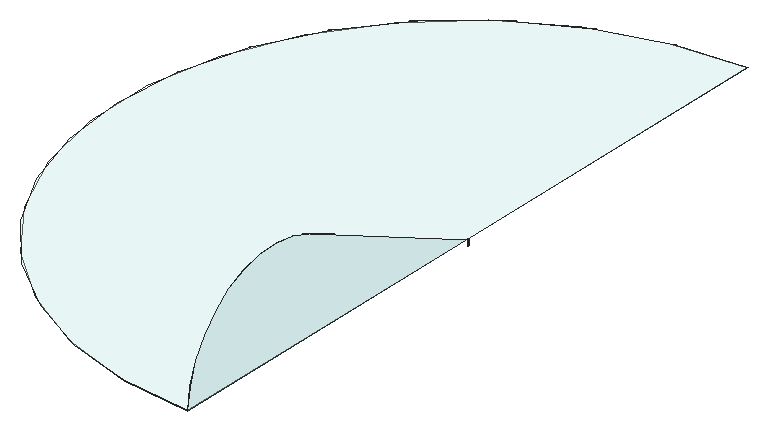
Revit family "Rotor Falvon 6504 Series - I6504PC", category Acessórios do tubo, Revit 2020
Family settings
  Cota do conector redondo = Utilizar diâmetro
  Tipo de parte = Normal
  Número OmniClass = 23.60.30.11.14
  Título OmniClass = Pipework Fittings
  Com base no plano de trabalho = Não
  Sempre na vertical = Sim
  Corte com vazios quando carregada = Não
  Compartilhado = Não
Parameters (values of type "Nozzle 18")
  Water = Water
  URL = "https://www.rainbird.com/"
  TABLE 90 = "TABLE 90psi"
  TABLE 80 = "TABLE 80psi"
  TABLE 70 = "TABLE 70psi"
  TABLE 60 = "TABLE 60psi"
  TABLE 50 = "TABLE 50psi"
  TABLE 40 = "TABLE 40psi"
  TABLE 30 = "TABLE 30psi"
  SupportProjetos: Reviw Date = ""  # constant formula
  SupportProjetos: Reviw = "R00"  # constant formula
  SupportProjetos: Level of Detail = "LOD 300"  # constant formula
  SupportProjetos: Developed = "MICHEL SOARES MOTA"  # constant formula
  SupportProjetos: Creation Date = "07/08/2020"  # constant formula
  Side inlet = no
  Rotation Water Visibility [instance] = Pop up on  # yes
  Rotation Angle [instance] = 180.00°
  RainBird: Product Link = "https://www.rainbird.com/"
  RainBird: Description = "FALCON I6504-PC Rotor "  # constant formula
  RainBird: Comment [instance] = ""
  RainBird: Code = "B65301"  # constant formula
  Radius [instance] = if(and(Pressure = 30.0 psi, Instance < 3 ft), size_lookup(TABLE 30, "Radius", 0 ft, Instance), if(and(Pressure = 40.0 psi, Instance < 9 ft), size_lookup(TABLE 40, "Radius", 0 ft, Instance), if(and(Pressure = 50.0 psi, Instance < 9 ft), size_lookup(TABLE 50, "Radius", 0 ft, Instance), if(and(Pressure = 60.0 psi, Instance < 9 ft), size_lookup(TABLE 60, "Radius", 0 ft, Instance), if(and(Pressure = 70.0 psi, Instance < 9 ft), size_lookup(TABLE 70, "Radius", 0 ft, Instance), if(and(Pressure = 80.0 psi, Instance < 9 ft), size_lookup(TABLE 80, "Radius", 0 ft, Instance), if(and(Pressure = 90.0 psi, Instance > 7 ft), size_lookup(TABLE 90, "Radius", 600 ft, Instance), 0 ft)))))))  # 63 ft
  RT = 0.009893 ft
  RN = 0.032808 ft
  R5 = 0.03937 ft
  R4 = 0.04101 ft
  R3 = 0.065617 ft
  R2 = 0.075407 ft
  R1 = 0.032808 ft
  Pressure [instance] = 60.0 psi
  Pop up height = 0.334646 ft
  Pop up on [instance] = yes
  Modelo = "I6504-PC"  # constant formula
  Instance = 8 ft
  H1 = Body height / 3  # 0.236333 ft
  Flow [instance] = if(and(Pressure = 30.0 psi, Instance < 3 ft), size_lookup(TABLE 30, "Flow", 0.0 GPM, Instance), if(and(Pressure = 40.0 psi, Instance < 9 ft), size_lookup(TABLE 40, "Flow", 0.0 GPM, Instance), if(and(Pressure = 50.0 psi, Instance < 9 ft), size_lookup(TABLE 50, "Flow", 0.0 GPM, Instance), if(and(Pressure = 60.0 psi, Instance < 9 ft), size_lookup(TABLE 60, "Flow", 0.0 GPM, Instance), if(and(Pressure = 70.0 psi, Instance < 9 ft), size_lookup(TABLE 70, "Flow", 0.0 GPM, Instance), if(and(Pressure = 80.0 psi, Instance < 9 ft), size_lookup(TABLE 80, "Flow", 0.0 GPM, Instance), if(and(Pressure = 90.0 psi, Instance > 7 ft), size_lookup(TABLE 90, "Flow", 0.0 GPM, Instance), 0.0 GPM)))))))  # 17.1 GPM
  Fabricante = "Rain Bird"
  Elevação padrão = 0 ft
  Description = RainBird: Description  # "FALCON I6504-PC Rotor "
  DD13 = 0.002625 ft
  DD12 = 0.003937 ft
  DD11 = 0.009897 ft
  DD10 = 0.016404 ft
  DD8 [instance] = if(Pop up on, Pop up height, 0 ft)  # 0.334646 ft
  DD7 = 0.019685 ft
  DD6 [instance] = 0.016404 ft
  DD5 = 0.065617 ft
  DD4 = 0.032808 ft
  DD3 = 0.091048 ft
  DD2 [instance] = 0.024514 ft
  DD9 [instance] = if(Pop up on, Pop up height + 0.049541 ft, 0 ft)  # 0.384186 ft
  DD1 = 0.006562 ft
  Conection = 0.062664 ft  # constant formula
  Body height = 0.709 ft  # constant formula
  Blue = Blue Plastic
  Black Plastic = Black Plastic
  Angle = 25.00°
Types (9, lengths in ft): name | Radius | Pressure | Instance | Flow
  (no name) | 63 | 60.0 psi | 8 | 17.1 GPM
  Nozzle 4 | 43 | 80.0 psi | 1 | 4.6 GPM
  Nozzle 6 | 49 | 80.0 psi | 2 | 4.9 GPM
  Nozzle 8 | 53 | 80.0 psi | 3 | 9.4 GPM
  Nozzle 10 | 55 | 80.0 psi | 4 | 11.6 GPM
  Nozzle 12 | 61 | 80.0 psi | 5 | 14.0 GPM
  Tipo 14 | 61 | 80.0 psi | 6 | 16.2 GPM
  Nozzle 16 | 63 | 80.0 psi | 7 | 18.1 GPM
  Nozzle 18 | 63 | 60.0 psi | 8 | 17.1 GPM
Reference planes (ft)
  plane 1 "Centro (Frente/Trás)": y = 0
  plane 2: z = 0
  plane 3 "Centro (Esquerda/Direita)": x = 0
  plane 4: z = 0.003937
  plane 5: z = 0.002625
  plane 6: y = -0.065617
Forms (ft)
  Revolve 1, solid, material "Black Plastic" <- "Black Plastic"
    sketch origin (0, 0, 0) x (1, 0, 0) y (0, 0, 1)
      loop
        line (0.075407, -0.091048) -> (0.075407, -0.035324)
        arc (0.075407, -0.035324) -> (0.072509, -0.028329) -> (0.065514, -0.025431) r 0.009893
        line (0.065514, -0.025431) -> (0.046098, -0.025431) -> (0.046098, 0) -> (0.03937, 0) -> (0.03937, -0.334646) -> (0.019685, -0.334646) -> (0.019685, -0.702438) -> (0.032808, -0.702438) -> (0.032808, -0.709) -> (0.04101, -0.709) -> (0.04101, -0.702438) -> (0.055724, -0.702438)
        arc (0.055724, -0.702438) -> (0.062719, -0.699541) -> (0.065617, -0.692545) r 0.009893
        line (0.065617, -0.692545) -> (0.065617, -0.091048) -> (0.075407, -0.091048)
      axis (0, -0.709) -> (0, 0)
    angle from 0 to 360
  Extrusion 2, solid, material "Black Plastic" <- "Black Plastic"
    sketch origin (0, 0, 0) x (1, 0, 0) y (0, 1, 0)
      loop
        circle (0, 0) r 0.032808
    from -0.334646 to 0.334646
  Extrusion 3, void
    sketch origin (0, 0, 0) x (1, 0, 0) y (0, 1, 0)
      loop
        circle (0, 0) r 0.022844
    from -0.334646 to 0.334646
  Revolve 4, solid, material "Black Plastic" <- "Black Plastic"
    sketch origin (0, 0, 0) x (1, 0, 0) y (0, 0, 1)
      loop
        line (0, 0.334646) -> (0.037004, 0.334646) -> (0.037004, 0.344543)
        arc (0.037004, 0.344543) -> (0.01879, 0.349436) -> (0, 0.35105) r 0.10685
        line (0, 0.35105) -> (0, 0.334646)
      axis (0, 0.334646) -> (0, 0.35105)
    angle from 0 to 360
  Extrusion 5, solid, material "Blue Plastic" <- "Blue"
    sketch origin (0, 0, 0) x (1, 0, 0) y (0, 0, 1)
      loop
        circle (0, 0.310131) r 0.009129
      loop
        circle (0, 0.310131) r 0.004793
    from 0 to 0.034386
  Extrusion 6, void
    sketch origin (0, 0, 0) x (1, 0, 0) y (0, 0, 1)
      loop
        line (-0.02074, 0.328055) -> (-0.02074, 0.282426) -> (0.020672, 0.282426) -> (0.020672, 0.328055) -> (-0.02074, 0.328055)
      loop
        line (-0.018439, 0.325179) -> (-0.018439, 0.285685) -> (0.018179, 0.285685) -> (0.018179, 0.325179) -> (-0.018439, 0.325179)
    from 0.024556 to 0.06931
  Extrusion 7, solid, material "Black Plastic" <- "Black Plastic"
    sketch origin (0, 0, 0) x (1, 0, 0) y (0, 0, 1)
      loop
        line (0.046098, 0) -> (0.046098, -0.036876) -> (0.073493, -0.036876) -> (0.046098, 0)
    from -0.002998 to 0.002998
  Extrusion 8, solid, material "Black Plastic" <- "Black Plastic"
    sketch origin (0, 0, 0) x (-1, 0, 0) y (0, 0, -1)
      loop
        line (0.046098, 0) -> (0.073493, 0.036876) -> (0.046098, 0.036876) -> (0.046098, 0)
    from -0.002998 to 0.002998
  Extrusion 9, solid, material "Black Plastic" <- "Black Plastic"
    sketch origin (0, 0, 0) x (0.866025, 0.5, 0) y (0, 0, 1)
      loop
        line (0.046098, 0) -> (0.046098, -0.036876) -> (0.073493, -0.036876) -> (0.046098, 0)
    from -0.002998 to 0.002998
  Extrusion 10, solid, material "Black Plastic" <- "Black Plastic"
    sketch origin (0, 0, 0) x (-0.866025, -0.5, 0) y (0, 0, -1)
      loop
        line (0.046098, 0) -> (0.073493, 0.036876) -> (0.046098, 0.036876) -> (0.046098, 0)
    from -0.002998 to 0.002998
  Extrusion 11, solid, material "Black Plastic" <- "Black Plastic"
    sketch origin (0, 0, 0) x (0, 1, 0) y (0, 0, 1)
      loop
        line (0.046098, 0) -> (0.046098, -0.036876) -> (0.073493, -0.036876) -> (0.046098, 0)
    from -0.002998 to 0.002998
  Extrusion 12, solid, material "Black Plastic" <- "Black Plastic"
    sketch origin (0, 0, 0) x (0, -1, 0) y (0, 0, -1)
      loop
        line (0.046098, 0) -> (0.073493, 0.036876) -> (0.046098, 0.036876) -> (0.046098, 0)
    from -0.002998 to 0.002998
  Extrusion 13, solid, material "Black Plastic" <- "Black Plastic"
    sketch origin (0, 0, 0) x (0.5, 0.866025, 0) y (0, 0, 1)
      loop
        line (0.046098, 0) -> (0.046098, -0.036876) -> (0.073493, -0.036876) -> (0.046098, 0)
    from -0.002998 to 0.002998
  Extrusion 14, solid, material "Black Plastic" <- "Black Plastic"
    sketch origin (0, 0, 0) x (-0.5, -0.866025, 0) y (0, 0, -1)
      loop
        line (0.046098, 0) -> (0.073493, 0.036876) -> (0.046098, 0.036876) -> (0.046098, 0)
    from -0.002998 to 0.002998
  Extrusion 15, solid, material "Black Plastic" <- "Black Plastic"
    sketch origin (0, 0, 0) x (-0.5, 0.866025, 0) y (0, 0, 1)
      loop
        line (0.046098, 0) -> (0.046098, -0.036876) -> (0.073493, -0.036876) -> (0.046098, 0)
    from -0.002998 to 0.002998
  Extrusion 16, solid, material "Black Plastic" <- "Black Plastic"
    sketch origin (0, 0, 0) x (0.5, -0.866025, 0) y (0, 0, -1)
      loop
        line (0.046098, 0) -> (0.073493, 0.036876) -> (0.046098, 0.036876) -> (0.046098, 0)
    from -0.002998 to 0.002998
  Extrusion 17, solid, material "Black Plastic" <- "Black Plastic"
    sketch origin (0, 0, 0) x (-0.866025, 0.5, 0) y (0, 0, 1)
      loop
        line (0.046098, 0) -> (0.046098, -0.036876) -> (0.073493, -0.036876) -> (0.046098, 0)
    from -0.002998 to 0.002998
  Extrusion 18, solid, material "Black Plastic" <- "Black Plastic"
    sketch origin (0, 0, 0) x (0.866025, -0.5, 0) y (0, 0, -1)
      loop
        line (0.046098, 0) -> (0.073493, 0.036876) -> (0.046098, 0.036876) -> (0.046098, 0)
    from -0.002998 to 0.002998
  Extrusion 19, void
    sketch origin (0, 0, 0) x (1, 0, 0) y (0, 1, 0)
      loop
        line (-0.002998, 0.077702) -> (-0.002998, 0.071655) -> (0.002998, 0.071655) -> (0.002998, 0.077702) -> (-0.002998, 0.077702)
    from -0.091048 to 0.82021
  Extrusion 20, void
    sketch origin (0, 0, 0) x (1, 0, 0) y (0, 1, 0)
      loop
        line (0.002998, -0.077702) -> (0.002998, -0.071655) -> (-0.002998, -0.071655) -> (-0.002998, -0.077702) -> (0.002998, -0.077702)
    from -0.091048 to 0.82021
  Extrusion 21, void
    sketch origin (0, 0, 0) x (0.965926, 0.258819, 0) y (-0.258819, 0.965926, 0)
      loop
        line (-0.002998, 0.077702) -> (-0.002998, 0.071655) -> (0.002998, 0.071655) -> (0.002998, 0.077702) -> (-0.002998, 0.077702)
    from -0.091048 to 0.82021
  Extrusion 22, void
    sketch origin (0, 0, 0) x (0.965926, 0.258819, 0) y (-0.258819, 0.965926, 0)
      loop
        line (0.002998, -0.077702) -> (0.002998, -0.071655) -> (-0.002998, -0.071655) -> (-0.002998, -0.077702) -> (0.002998, -0.077702)
    from -0.091048 to 0.82021
  Extrusion 23, void
    sketch origin (0, 0, 0) x (0.866025, 0.5, 0) y (-0.5, 0.866025, 0)
      loop
        line (-0.002998, 0.077702) -> (-0.002998, 0.071655) -> (0.002998, 0.071655) -> (0.002998, 0.077702) -> (-0.002998, 0.077702)
    from -0.091048 to 0.82021
  Extrusion 24, void
    sketch origin (0, 0, 0) x (0.866025, 0.5, 0) y (-0.5, 0.866025, 0)
      loop
        line (0.002998, -0.077702) -> (0.002998, -0.071655) -> (-0.002998, -0.071655) -> (-0.002998, -0.077702) -> (0.002998, -0.077702)
    from -0.091048 to 0.82021
  Extrusion 25, void
    sketch origin (0, 0, 0) x (0.5, 0.866025, 0) y (-0.866025, 0.5, 0)
      loop
        line (-0.002998, 0.077702) -> (-0.002998, 0.071655) -> (0.002998, 0.071655) -> (0.002998, 0.077702) -> (-0.002998, 0.077702)
    from -0.091048 to 0.82021
  Extrusion 26, void
    sketch origin (0, 0, 0) x (0.5, 0.866025, 0) y (-0.866025, 0.5, 0)
      loop
        line (0.002998, -0.077702) -> (0.002998, -0.071655) -> (-0.002998, -0.071655) -> (-0.002998, -0.077702) -> (0.002998, -0.077702)
    from -0.091048 to 0.82021
  Extrusion 27, void
    sketch origin (0, 0, 0) x (0.707107, 0.707107, 0) y (-0.707107, 0.707107, 0)
      loop
        line (-0.002998, 0.077702) -> (-0.002998, 0.071655) -> (0.002998, 0.071655) -> (0.002998, 0.077702) -> (-0.002998, 0.077702)
    from -0.091048 to 0.82021
  Extrusion 28, void
    sketch origin (0, 0, 0) x (0.707107, 0.707107, 0) y (-0.707107, 0.707107, 0)
      loop
        line (0.002998, -0.077702) -> (0.002998, -0.071655) -> (-0.002998, -0.071655) -> (-0.002998, -0.077702) -> (0.002998, -0.077702)
    from -0.091048 to 0.82021
  Extrusion 29, void
    sketch origin (0, 0, 0) x (0.258819, 0.965926, 0) y (-0.965926, 0.258819, 0)
      loop
        line (-0.002998, 0.077702) -> (-0.002998, 0.071655) -> (0.002998, 0.071655) -> (0.002998, 0.077702) -> (-0.002998, 0.077702)
    from -0.091048 to 0.82021
  Extrusion 30, void
    sketch origin (0, 0, 0) x (0.258819, 0.965926, 0) y (-0.965926, 0.258819, 0)
      loop
        line (0.002998, -0.077702) -> (0.002998, -0.071655) -> (-0.002998, -0.071655) -> (-0.002998, -0.077702) -> (0.002998, -0.077702)
    from -0.091048 to 0.82021
  Extrusion 31, void
    sketch origin (0, 0, 0) x (0, 1, 0) y (-1, 0, 0)
      loop
        line (-0.002998, 0.077702) -> (-0.002998, 0.071655) -> (0.002998, 0.071655) -> (0.002998, 0.077702) -> (-0.002998, 0.077702)
    from -0.091048 to 0.82021
  Extrusion 32, void
    sketch origin (0, 0, 0) x (0, 1, 0) y (-1, 0, 0)
      loop
        line (0.002998, -0.077702) -> (0.002998, -0.071655) -> (-0.002998, -0.071655) -> (-0.002998, -0.077702) -> (0.002998, -0.077702)
    from -0.091048 to 0.82021
  Extrusion 33, void
    sketch origin (0, 0, 0) x (-0.258819, 0.965926, 0) y (-0.965926, -0.258819, 0)
      loop
        line (-0.002998, 0.077702) -> (-0.002998, 0.071655) -> (0.002998, 0.071655) -> (0.002998, 0.077702) -> (-0.002998, 0.077702)
    from -0.091048 to 0.82021
  Extrusion 34, void
    sketch origin (0, 0, 0) x (-0.258819, 0.965926, 0) y (-0.965926, -0.258819, 0)
      loop
        line (0.002998, -0.077702) -> (0.002998, -0.071655) -> (-0.002998, -0.071655) -> (-0.002998, -0.077702) -> (0.002998, -0.077702)
    from -0.091048 to 0.82021
  Extrusion 35, void
    sketch origin (0, 0, 0) x (-0.5, 0.866025, 0) y (-0.866025, -0.5, 0)
      loop
        line (-0.002998, 0.077702) -> (-0.002998, 0.071655) -> (0.002998, 0.071655) -> (0.002998, 0.077702) -> (-0.002998, 0.077702)
    from -0.091048 to 0.82021
  Extrusion 36, void
    sketch origin (0, 0, 0) x (-0.5, 0.866025, 0) y (-0.866025, -0.5, 0)
      loop
        line (0.002998, -0.077702) -> (0.002998, -0.071655) -> (-0.002998, -0.071655) -> (-0.002998, -0.077702) -> (0.002998, -0.077702)
    from -0.091048 to 0.82021
  Extrusion 37, void
    sketch origin (0, 0, 0) x (-0.707107, 0.707107, 0) y (-0.707107, -0.707107, 0)
      loop
        line (-0.002998, 0.077702) -> (-0.002998, 0.071655) -> (0.002998, 0.071655) -> (0.002998, 0.077702) -> (-0.002998, 0.077702)
    from -0.091048 to 0.82021
  Extrusion 38, void
    sketch origin (0, 0, 0) x (-0.707107, 0.707107, 0) y (-0.707107, -0.707107, 0)
      loop
        line (0.002998, -0.077702) -> (0.002998, -0.071655) -> (-0.002998, -0.071655) -> (-0.002998, -0.077702) -> (0.002998, -0.077702)
    from -0.091048 to 0.82021
  Extrusion 39, void
    sketch origin (0, 0, 0) x (-0.866025, 0.5, 0) y (-0.5, -0.866025, 0)
      loop
        line (-0.002998, 0.077702) -> (-0.002998, 0.071655) -> (0.002998, 0.071655) -> (0.002998, 0.077702) -> (-0.002998, 0.077702)
    from -0.091048 to 0.82021
  Extrusion 40, void
    sketch origin (0, 0, 0) x (-0.866025, 0.5, 0) y (-0.5, -0.866025, 0)
      loop
        line (0.002998, -0.077702) -> (0.002998, -0.071655) -> (-0.002998, -0.071655) -> (-0.002998, -0.077702) -> (0.002998, -0.077702)
    from -0.091048 to 0.82021
  Extrusion 41, void
    sketch origin (0, 0, 0) x (-0.965926, 0.258819, 0) y (-0.258819, -0.965926, 0)
      loop
        line (-0.002998, 0.077702) -> (-0.002998, 0.071655) -> (0.002998, 0.071655) -> (0.002998, 0.077702) -> (-0.002998, 0.077702)
    from -0.091048 to 0.82021
  Extrusion 42, void
    sketch origin (0, 0, 0) x (-0.965926, 0.258819, 0) y (-0.258819, -0.965926, 0)
      loop
        line (0.002998, -0.077702) -> (0.002998, -0.071655) -> (-0.002998, -0.071655) -> (-0.002998, -0.077702) -> (0.002998, -0.077702)
    from -0.091048 to 0.82021
  Extrusion 43, solid, material "Water" <- "Water", visible <- "Rotation Water Visibility"
    sketch origin (0, 0, 0) x (0, 1, 0) y (0, 0, 1)
      loop
        line (-0.032808, 0.310131) -> (-35.615202, 16.902474)
        arc (-35.615202, 16.902474) -> (-53.751991, 15.923219) -> (-63.032808, 0.310131) r 19.287003
        line (-63.032808, 0.310131) -> (-0.032808, 0.310131)
    from -0.008202 to 0.008202
Cuts and joins
  Extrusion 3, Extrusion 6 cuts Extrusion 2
  Extrusion 19, Extrusion 20, Extrusion 21, Extrusion 22, Extrusion 23, Extrusion 24, Extrusion 25, Extrusion 26, Extrusion 27, Extrusion 28, Extrusion 29, Extrusion 30, Extrusion 31, Extrusion 32, Extrusion 33, Extrusion 34, Extrusion 35, Extrusion 36, Extrusion 37, Extrusion 38, Extrusion 39, Extrusion 40, Extrusion 41, Extrusion 42 cuts Revolve 1
Dimensions and locks (ft)
  "Body height": level to Revolve 1 sketch curve
  "R2": Revolve 1 sketch curve to plane 3 "Centro (Esquerda/Direita)"
  "DD1": Revolve 1 sketch curve to Revolve 1 sketch curve
  "DD3": level to Revolve 1 sketch curve
  Revolve 1 sketch curve to plane 3 "Centro (Esquerda/Direita)" = 0.065617 ft
  "R4": Revolve 1 sketch curve to plane 3 "Centro (Esquerda/Direita)"
  "RN": Revolve 1 sketch curve to plane 3 "Centro (Esquerda/Direita)"
  "Pop up height": level to Revolve 1 sketch curve
  "R5": plane 3 "Centro (Esquerda/Direita)" to Revolve 1 sketch curve
  "DD7": Revolve 1 sketch curve to plane 3 "Centro (Esquerda/Direita)"
  "DD8": Extrusion 2 to level
  "DD12": plane 4 to level
  "DD13": plane 5 to level
  "R3": plane 6 to plane 1 "Centro (Frente/Trás)"
  "DD5": Revolve 1 sketch curve to Revolve 1 sketch curve
  "DD10": Revolve 4 sketch curve to Revolve 4 sketch curve
  "DD11": Revolve 4 sketch curve to Revolve 4 sketch curve
  "DD2": Revolve 4 to Extrusion 5 sketch curve  (x2)
  Extrusion 7 to plane 3 "Centro (Esquerda/Direita)" = 0.046098 ft
  equal spacing: Extrusion 7, plane 1 "Centro (Frente/Trás)", Extrusion 7
  Extrusion 8 to Extrusion 8 = 0.005995 ft
  Extrusion 9 to Extrusion 9 = 0.005995 ft
  Extrusion 20 sketch curve to Extrusion 20 sketch curve = 0.005995 ft
  Extrusion 22 sketch curve to Extrusion 22 sketch curve = 0.005995 ft
  Extrusion 24 sketch curve to Extrusion 24 sketch curve = 0.005995 ft
  Extrusion 26 sketch curve to Extrusion 26 sketch curve = 0.005995 ft
  Extrusion 28 sketch curve to Extrusion 28 sketch curve = 0.005995 ft
  Extrusion 30 sketch curve to Extrusion 30 sketch curve = 0.005995 ft
  Extrusion 32 sketch curve to Extrusion 32 sketch curve = 0.005995 ft
  Extrusion 34 sketch curve to Extrusion 34 sketch curve = 0.005995 ft
  Extrusion 36 sketch curve to Extrusion 36 sketch curve = 0.005995 ft
  Extrusion 38 sketch curve to Extrusion 38 sketch curve = 0.005995 ft
  Extrusion 40 sketch curve to Extrusion 40 sketch curve = 0.005995 ft
  Extrusion 42 sketch curve to Extrusion 42 sketch curve = 0.005995 ft
  "DD4": plane 1 "Centro (Frente/Trás)" to Extrusion 43 sketch curve
  "DD2": Revolve 4 to Extrusion 43 sketch curve
  "Radius": Extrusion 43 sketch curve to Extrusion 43 sketch curve
  equal spacing: Extrusion 43, plane 3 "Centro (Esquerda/Direita)", Extrusion 43
  "DD6": Extrusion 43 to Extrusion 43
  "DD2": Revolve 4 to nested 1
  "RT": radius of Revolve 1 sketch curve  (x2)
  "R1": radius of Extrusion 2 sketch curve
  "Angle": angle Extrusion 43 sketch curve to Extrusion 43 sketch curve
  aligned and locked: level to plane 2
  aligned and locked: Revolve 1 sketch curve to Revolve 1 sketch curve
  aligned and locked: Extrusion 2 to Revolve 1
  aligned and locked: cut or joined group of Extrusion 2, Extrusion 3, Extrusion 6 to cut or joined group of Extrusion 2, Extrusion 3, Extrusion 6  (x2)
  aligned and locked: Revolve 4 sketch curve to cut or joined group of Extrusion 2, Extrusion 3, Extrusion 6
  aligned and locked: Extrusion 20 to Revolve 1
  aligned and locked: Extrusion 22 to Revolve 1
  aligned and locked: Extrusion 24 to Revolve 1
  aligned and locked: Extrusion 28 to Revolve 1
  aligned and locked: Extrusion 26 to Revolve 1
  aligned and locked: Extrusion 30 to Revolve 1
  aligned and locked: Extrusion 32 to Revolve 1
  aligned and locked: Extrusion 34 to Revolve 1
  aligned and locked: Revolve 1 to Extrusion 36
  aligned and locked: Revolve 1 to Extrusion 38
  aligned and locked: Extrusion 41 to Revolve 1
  aligned and locked: Extrusion 39 to Revolve 1
  aligned and locked: Extrusion 37 to Revolve 1
  aligned and locked: Extrusion 35 to Revolve 1
  aligned and locked: Extrusion 33 to Revolve 1
  aligned and locked: Extrusion 31 to Revolve 1
  aligned and locked: Extrusion 29 to Revolve 1
  aligned and locked: Revolve 1 to Extrusion 25
  aligned and locked: Revolve 1 to Extrusion 27
  aligned and locked: Revolve 1 to Extrusion 19
  aligned and locked: Revolve 1 to Extrusion 21
  aligned and locked: Revolve 1 to Extrusion 42
  aligned and locked: Revolve 1 to Extrusion 40
  aligned and locked: Revolve 1 to Extrusion 23
Automatic sketch dimensions
  plane 1 "Centro (Frente/Trás)" to Extrusion 2 sketch curve = 0 ft
  Extrusion 2 sketch curve to plane 3 "Centro (Esquerda/Direita)" = 0 ft
  plane 1 "Centro (Frente/Trás)" to Extrusion 3 sketch curve = 0 ft
  Extrusion 3 sketch curve to plane 3 "Centro (Esquerda/Direita)" = 0 ft
  Revolve 4 sketch curve to plane 3 "Centro (Esquerda/Direita)" = 0 ft  (x2)
  plane 3 "Centro (Esquerda/Direita)" to Revolve 4 sketch curve = 0.000284 ft
  plane 3 "Centro (Esquerda/Direita)" to Revolve 4 sketch curve = 0.037004 ft
  Revolve 4 sketch curve to Revolve 4 sketch curve = 0.015719 ft
  Revolve 4 sketch curve to Revolve 4 sketch curve = 0.114829 ft
  Extrusion 5 sketch curve to Extrusion 5 sketch curve = 0 ft
  Extrusion 5 sketch curve to plane 3 "Centro (Esquerda/Direita)" = 0 ft
  Extrusion 6 sketch curve to plane 3 "Centro (Esquerda/Direita)" = 0.02074 ft
  Extrusion 6 sketch curve to Extrusion 6 sketch curve = 0.002301 ft
  plane 3 "Centro (Esquerda/Direita)" to Extrusion 6 sketch curve = 0.018179 ft
  Extrusion 6 sketch curve to Extrusion 6 sketch curve = 0.002492 ft
  plane 4 to Extrusion 6 sketch curve = 0.278489 ft
  Extrusion 6 sketch curve to Extrusion 6 sketch curve = 0.003259 ft
  Extrusion 6 sketch curve to Extrusion 6 sketch curve = 0.039494 ft
  Extrusion 6 sketch curve to Extrusion 6 sketch curve = 0.002876 ft
  Extrusion 7 sketch curve to level = 0 ft
  plane 3 "Centro (Esquerda/Direita)" to Extrusion 7 sketch curve = 0.046098 ft
  Extrusion 7 sketch curve to Extrusion 7 sketch curve = 0.027396 ft
  Extrusion 7 sketch curve to Extrusion 7 sketch curve = 0.036876 ft
  Extrusion 8 sketch curve to level = 0 ft
  plane 3 "Centro (Esquerda/Direita)" to Extrusion 8 sketch curve = 0.046098 ft
  Extrusion 8 sketch curve to Extrusion 8 sketch curve = 0.027396 ft
  Extrusion 8 sketch curve to Extrusion 8 sketch curve = 0.036876 ft
  Extrusion 9 sketch curve to level = 0 ft
  Extrusion 9 sketch curve to level = 0.036876 ft
  Extrusion 9 sketch curve to Extrusion 9 sketch curve = 0.027396 ft
  Extrusion 10 sketch curve to level = 0 ft
  Extrusion 10 sketch curve to level = 0.036876 ft
  Extrusion 10 sketch curve to Extrusion 10 sketch curve = 0.027396 ft
  Extrusion 11 sketch curve to level = 0 ft
  Extrusion 11 sketch curve to plane 1 "Centro (Frente/Trás)" = 0.046098 ft
  Extrusion 11 sketch curve to Extrusion 11 sketch curve = 0.027396 ft
  Extrusion 11 sketch curve to Extrusion 11 sketch curve = 0.036876 ft
  Extrusion 12 sketch curve to level = 0 ft
  plane 6 to Extrusion 12 sketch curve = 0.019519 ft
  Extrusion 12 sketch curve to plane 6 = 0.007877 ft
  Extrusion 12 sketch curve to level = 0.036876 ft
  Extrusion 13 sketch curve to level = 0 ft
  Extrusion 13 sketch curve to level = 0.036876 ft
  Extrusion 13 sketch curve to Extrusion 13 sketch curve = 0.027396 ft
  Extrusion 14 sketch curve to level = 0 ft
  Extrusion 14 sketch curve to level = 0.036876 ft
  Extrusion 14 sketch curve to Extrusion 14 sketch curve = 0.027396 ft
  level to Extrusion 15 sketch curve = 0 ft
  Extrusion 15 sketch curve to level = 0.036876 ft
  Extrusion 15 sketch curve to Extrusion 15 sketch curve = 0.027396 ft
  level to Extrusion 16 sketch curve = 0 ft
  Extrusion 16 sketch curve to level = 0.036876 ft
  Extrusion 16 sketch curve to Extrusion 16 sketch curve = 0.027396 ft
  level to Extrusion 17 sketch curve = 0 ft
  Extrusion 17 sketch curve to level = 0.036876 ft
  Extrusion 17 sketch curve to Extrusion 17 sketch curve = 0.027396 ft
  level to Extrusion 18 sketch curve = 0 ft
  Extrusion 18 sketch curve to level = 0.036876 ft
  Extrusion 18 sketch curve to Extrusion 18 sketch curve = 0.027396 ft
  Extrusion 19 sketch curve to plane 3 "Centro (Esquerda/Direita)" = 0.002998 ft
  Extrusion 19 sketch curve to plane 1 "Centro (Frente/Trás)" = 0.071655 ft
  Extrusion 19 sketch curve to Extrusion 19 sketch curve = 0.006047 ft
  plane 3 "Centro (Esquerda/Direita)" to Extrusion 20 sketch curve = 0.002998 ft
  plane 6 to Extrusion 20 sketch curve = 0.006038 ft
  Extrusion 20 sketch curve to Extrusion 20 sketch curve = 0.006047 ft
  plane 3 "Centro (Esquerda/Direita)" to Extrusion 19 sketch curve = 0.002998 ft
  Extrusion 21 sketch curve to plane 3 "Centro (Esquerda/Direita)" = 0.021441 ft
  Extrusion 21 sketch curve to plane 1 "Centro (Frente/Trás)" = 0.068438 ft
  Extrusion 21 sketch curve to Extrusion 21 sketch curve = 0.005995 ft
  Extrusion 21 sketch curve to Extrusion 21 sketch curve = 0.006047 ft
  Extrusion 22 sketch curve to plane 6 = 0.010213 ft
  plane 3 "Centro (Esquerda/Direita)" to Extrusion 22 sketch curve = 0.017215 ft
  Extrusion 22 sketch curve to Extrusion 22 sketch curve = 0.006047 ft
  Extrusion 23 sketch curve to plane 3 "Centro (Esquerda/Direita)" = 0.038424 ft
  Extrusion 23 sketch curve to plane 1 "Centro (Frente/Trás)" = 0.060556 ft
  Extrusion 23 sketch curve to Extrusion 23 sketch curve = 0.005995 ft
  Extrusion 23 sketch curve to Extrusion 23 sketch curve = 0.006047 ft
  Extrusion 24 sketch curve to plane 6 = 0.003174 ft
  plane 3 "Centro (Esquerda/Direita)" to Extrusion 24 sketch curve = 0.036255 ft
  Extrusion 24 sketch curve to Extrusion 24 sketch curve = 0.006047 ft
  Extrusion 25 sketch curve to plane 1 "Centro (Frente/Trás)" = 0.033231 ft
  Extrusion 25 sketch curve to plane 3 "Centro (Esquerda/Direita)" = 0.063554 ft
  Extrusion 25 sketch curve to Extrusion 25 sketch curve = 0.005995 ft
  Extrusion 25 sketch curve to Extrusion 25 sketch curve = 0.006047 ft
  Extrusion 26 sketch curve to plane 6 = 0.02417 ft
  Extrusion 26 sketch curve to plane 3 "Centro (Esquerda/Direita)" = 0.065793 ft
  Extrusion 26 sketch curve to Extrusion 26 sketch curve = 0.006047 ft
  Extrusion 27 sketch curve to plane 1 "Centro (Frente/Trás)" = 0.048548 ft
  Extrusion 27 sketch curve to plane 3 "Centro (Esquerda/Direita)" = 0.052787 ft
  Extrusion 27 sketch curve to Extrusion 27 sketch curve = 0.005995 ft
  Extrusion 27 sketch curve to Extrusion 27 sketch curve = 0.006047 ft
  plane 6 to Extrusion 28 sketch curve = 0.008554 ft
  plane 3 "Centro (Esquerda/Direita)" to Extrusion 28 sketch curve = 0.052824 ft
  Extrusion 28 sketch curve to Extrusion 28 sketch curve = 0.006047 ft
  Extrusion 29 sketch curve to plane 1 "Centro (Frente/Trás)" = 0.01565 ft
  Extrusion 29 sketch curve to plane 3 "Centro (Esquerda/Direita)" = 0.069989 ft
  Extrusion 29 sketch curve to Extrusion 29 sketch curve = 0.005995 ft
  Extrusion 29 sketch curve to Extrusion 29 sketch curve = 0.006047 ft
  plane 1 "Centro (Frente/Trás)" to Extrusion 30 sketch curve = 0.023006 ft
  plane 3 "Centro (Esquerda/Direita)" to Extrusion 30 sketch curve = 0.074278 ft
  Extrusion 30 sketch curve to Extrusion 30 sketch curve = 0.006047 ft
  plane 1 "Centro (Frente/Trás)" to Extrusion 31 sketch curve = 0.002998 ft
  Extrusion 31 sketch curve to plane 1 "Centro (Frente/Trás)" = 0.002998 ft
  Extrusion 31 sketch curve to plane 3 "Centro (Esquerda/Direita)" = 0.071655 ft
  Extrusion 31 sketch curve to Extrusion 31 sketch curve = 0.006047 ft
  plane 1 "Centro (Frente/Trás)" to Extrusion 32 sketch curve = 0.002998 ft
  plane 3 "Centro (Esquerda/Direita)" to Extrusion 32 sketch curve = 0.077702 ft
  Extrusion 32 sketch curve to Extrusion 32 sketch curve = 0.006047 ft
  plane 1 "Centro (Frente/Trás)" to Extrusion 33 sketch curve = 0.021441 ft
  Extrusion 33 sketch curve to plane 3 "Centro (Esquerda/Direita)" = 0.068438 ft
  Extrusion 33 sketch curve to Extrusion 33 sketch curve = 0.005995 ft
  Extrusion 33 sketch curve to Extrusion 33 sketch curve = 0.006047 ft
  Extrusion 34 sketch curve to plane 1 "Centro (Frente/Trás)" = 0.017215 ft
  plane 3 "Centro (Esquerda/Direita)" to Extrusion 34 sketch curve = 0.07583 ft
  Extrusion 34 sketch curve to Extrusion 34 sketch curve = 0.006047 ft
  plane 6 to Extrusion 35 sketch curve = 0.027193 ft
  Extrusion 35 sketch curve to plane 3 "Centro (Esquerda/Direita)" = 0.060556 ft
  Extrusion 35 sketch curve to Extrusion 35 sketch curve = 0.005995 ft
  Extrusion 35 sketch curve to Extrusion 35 sketch curve = 0.006047 ft
  Extrusion 36 sketch curve to plane 1 "Centro (Frente/Trás)" = 0.036255 ft
  plane 3 "Centro (Esquerda/Direita)" to Extrusion 36 sketch curve = 0.068791 ft
  Extrusion 36 sketch curve to Extrusion 36 sketch curve = 0.006047 ft
  plane 6 to Extrusion 37 sketch curve = 0.012829 ft
  Extrusion 37 sketch curve to plane 3 "Centro (Esquerda/Direita)" = 0.048548 ft
  Extrusion 37 sketch curve to Extrusion 37 sketch curve = 0.005995 ft
  Extrusion 37 sketch curve to Extrusion 37 sketch curve = 0.006047 ft
  Extrusion 38 sketch curve to plane 1 "Centro (Frente/Trás)" = 0.052824 ft
  plane 3 "Centro (Esquerda/Direita)" to Extrusion 38 sketch curve = 0.057063 ft
  Extrusion 38 sketch curve to Extrusion 38 sketch curve = 0.006047 ft
  plane 6 to Extrusion 39 sketch curve = 0.002063 ft
  Extrusion 39 sketch curve to plane 3 "Centro (Esquerda/Direita)" = 0.033231 ft
  Extrusion 39 sketch curve to Extrusion 39 sketch curve = 0.005995 ft
  Extrusion 39 sketch curve to Extrusion 39 sketch curve = 0.006047 ft
  plane 3 "Centro (Esquerda/Direita)" to Extrusion 40 sketch curve = 0.041447 ft
  Extrusion 40 sketch curve to plane 1 "Centro (Frente/Trás)" = 0.065793 ft
  Extrusion 40 sketch curve to Extrusion 40 sketch curve = 0.006047 ft
  Extrusion 41 sketch curve to plane 6 = 0.004372 ft
  Extrusion 41 sketch curve to plane 3 "Centro (Esquerda/Direita)" = 0.01565 ft
  Extrusion 41 sketch curve to Extrusion 41 sketch curve = 0.005995 ft
  Extrusion 41 sketch curve to Extrusion 41 sketch curve = 0.006047 ft
  plane 3 "Centro (Esquerda/Direita)" to Extrusion 42 sketch curve = 0.023006 ft
  Extrusion 42 sketch curve to plane 1 "Centro (Frente/Trás)" = 0.074278 ft
  Extrusion 42 sketch curve to Extrusion 42 sketch curve = 0.006047 ft
  Revolve 1 sketch curve to plane 3 "Centro (Esquerda/Direita)" = 0 ft
  Revolve 1 sketch curve to level = 0 ft
  Revolve 1 sketch curve to Revolve 1 sketch curve = 0.019416 ft
  plane 4 to Revolve 1 sketch curve = 0.079347 ft
  Revolve 1 sketch curve to Revolve 1 sketch curve = 0.918635 ft
  Extrusion 43 sketch curve to level = 0.577487 ft
  radius of Extrusion 3 sketch curve = 0.022844 ft
  radius of Extrusion 5 sketch curve = 0.009129 ft
  radius of Extrusion 5 sketch curve = 0.004793 ft
Nested families (ft)
  nested 1: "Water" at (-0.000078, 0, 0.190873) x (0, -1, 0) z (0, 0, 1), DT9 <- "DD4", Radius <- "Radius", visible <- "Rotation Water Visibility", Rotation Angle <- "Rotation Angle", type "Water"
    with Rotation Angle 180.00°, Radius 63 ft, DT9 0.032808 ft, DT8 0 ft, DT7 252 ft, DT4 315 ft, Angle 2 180.00°
Connectors (ft)
  piping at (0, 0, -0.709), diameter 2
    settings: on cut or joined group of Revolve 1, Extrusion 19, Extrusion 20, Extrusion 21, Extrusion 22, Extrusion 23, Extrusion 24, Extrusion 25, Extrusion 26, Extrusion 27, Extrusion 28, Extrusion 29, Extrusion 30, Extrusion 31, Extrusion 32, Extrusion 33, Extrusion 34, Extrusion 35, Extrusion 36, Extrusion 37, Extrusion 38, Extrusion 39, Extrusion 40, Extrusion 41, Extrusion 42, index 1, connector inside diameter 609.6 mm, connector length 0 ft, flow factor 0, pipe flow 0.0 GPM, pressure drop 0.0 psi, fitting loss kfactor 0, connector angle 0.00°, fixture units 0, engagement length 0 ft, angle of deflection 0.00°, flow configuration 0, flow direction 0, fitting loss method 0, system type 28, joint type 0, gender type 0, connector reference index -1, connector utility 0, adjustable connector no, is connector primary yes, connector description ""
Definition of nested family "Water"
  Parameters (values of type "Water")
    Water Visibility (Circle) = yes
    Water = none
    URL = ""
    SupportProjetos: Reviw Date = ""  # constant formula
    SupportProjetos: Level of Detail = "LOD 300"  # constant formula
    SupportProjetos: Developed = "MICHEL SOARES MOTA"  # constant formula
    SupportProjetos: Creation Date = "16/07/2020"  # constant formula
    Rotation Angle [instance] = 90.00°
    Reviw = "R00"  # constant formula
    Radius [instance] = 14 ft
    Model = ""
    Default Elevation = 4 ft
    Description = ""
    DT9 [instance] = 0.032808 ft
    DT8 [instance] = if(Rotation Angle = 360.00°, 10 ft, 0 ft)  # 0 ft
    DT7 [instance] = 4 * Radius  # 56 ft
    DT4 [instance] = 5 * Radius  # 70 ft
    DT2 = 0.098425 ft  # constant formula
    DT6 = 0 ft
    Angle 2 [instance] = if(Rotation Angle = 360.00°, 180.00°, 360.00° - Rotation Angle)  # 270.00°
  Reference planes (ft)
    plane 1 "Centro (Frente/Trás)": y = 0
    plane 2: z = 0
    plane 3 "Centro (Esquerda/Direita)": x = 0
  Forms (ft)
    Revolve 1, solid, material <- "Water", visible <- "Water Visibility (Circle)"
      sketch origin (0, 0, 0) x (1, 0, 0) y (0, 0, 1)
        loop
          line (0.032808, 0.098425) -> (14.032808, 0.098425) -> (14.032808, 0.119259) -> (0.032808, 0.119259) -> (0.032808, 0.098425)
        axis (0, 0.098425) -> (0, 0.119259)
      angle from 0 to 360
    Extrusion 2, void
      sketch origin (0, 0, 0) x (1, 0, 0) y (0, 1, 0)
        loop
          line (0, 0) -> (70, 0) -> (70, 56)
          arc (70, 56) -> (-70.459018, 51.588344) -> (0, -70) r 81.847109
          line (0, -70) -> (0, 0)
      from 0 to 15.189231
  Cuts and joins
    Extrusion 2 cuts Revolve 1
  Dimensions and locks (ft)
    "DT2": Revolve 1 sketch curve to level
    "DT4": Extrusion 2 sketch curve to Extrusion 2 sketch curve  (x2)
    "DT6": Extrusion 2 sketch curve to plane 3 "Centro (Esquerda/Direita)"
    "DT7": Extrusion 2 sketch curve to Extrusion 2 sketch curve
    "DT8": cut or joined group of Revolve 1, Extrusion 2 to level
    "Radius": Revolve 1 sketch curve to Revolve 1 sketch curve
    "DT9": Revolve 1 sketch curve to plane 3 "Centro (Esquerda/Direita)"
    "Angle 2": angle Extrusion 2 sketch curve to Extrusion 2 sketch curve
    aligned and locked: level to plane 2
    aligned and locked: plane 1 "Centro (Frente/Trás)" to Extrusion 2 sketch curve
  Automatic sketch dimensions
    plane 3 "Centro (Esquerda/Direita)" to Extrusion 2 sketch curve = 1.088227 ft
    Revolve 1 sketch curve to plane 3 "Centro (Esquerda/Direita)" = 0 ft
    Revolve 1 sketch curve to Revolve 1 sketch curve = 0.020833 ft
    Revolve 1 sketch curve to Revolve 1 sketch curve = 0.032113 ft
    Revolve 1 sketch curve to Revolve 1 sketch curve = 10.2693 ft
